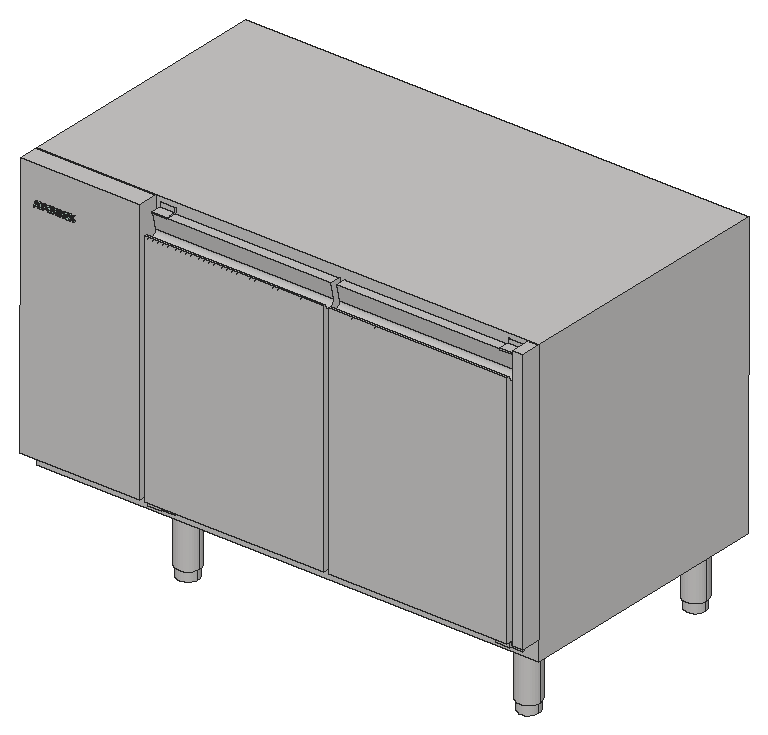
Revit family "QF_ALPENINOX_721000_AK2R7AA", category Attrezzature speciali, Revit 2018
Family settings
  Quota connettore circolare = Usa diametro
  Tipo di parte = Normale
  Basato su piano di lavoro = No
  Sempre verticale = Sì
  Taglio con vuoti quando caricato = No
  Condiviso = No
  Punto di calcolo locali = No
Parameters (values of type "Standard")
  Weight = 90.00 kg
  Watts = 220 W
  Volts = 220 V
  URL Manufacturer = "http://www.alpeninox.com"
  URL = "http://www.alpeninox.com"
  Steam Supply Size = 0 mm
  Steam Supply Minimum Pressure = 0.0 Pa
  Steam Supply Maximum Pressure = 0.0 Pa
  Steam Consumption per Hour = 0
  Refrigeration Suction Line Size = 0 mm
  Refrigeration Liquid Line Size = 0 mm
  Refrigerant Compressor Remote = yes
  Produttore = "Alpeninox"
  Phase = 1
  Modello = "AK2R7AA"
  Length Actual = 1241 mm  # constant formula
  Item Number = "721000"
  Hot Water Size = 0 mm
  Height Actual = 850 mm  # constant formula
  HP = "0.3 HP"
  Gas Size = 0 mm
  Gas KW = 0
  Gas Input Pressure = 0 W
  Direct Waste Size = 0 mm
  Descrizione = "2-DOOR REFRIGERATED COUNTER, -2+10°C, FULL AISI 304, WITHOUT WORK TOP (R290)"
  Depth Actual = 700 mm  # constant formula
  Cycle = 50 Hz
  Condensate Return Size = 0 mm
  Compressed Air Volume = 0.0 L/s
  Compressed Air Size = 0 mm
  Compressed Air Pressure = 0.0 Pa
  Cold Water Size = 0 mm
  Accessory = yes
Values of the unnamed type that differ from the named types
  Weight = 0.00 kg
  Watts = 0 W
  Volts = 0 V
  URL Manufacturer = ""
  Item Number = ""
  HP = ""
  Cycle = 0 Hz
Reference planes
  plane 1: z = 0
  plane 2 "Center (Left/Right)": x = -126.5
  plane 3 "Center (Front/Back)": y = 64.5
  plane 4 "FEET": z = 150
  plane 5 "TOP": z = 900
  plane 6 "PLAIN": z = 850
  plane 7 "EI_back": y = 103
  plane 8 "EI_left": x = -686
  plane 9 "BACK": y = 412
  plane 10 "FRONT": y = -283
  plane 11 "DOOR": y = -233
  plane 12 "LEFT": x = -747
  plane 13 "RIGHT": x = 494
  plane 14: x = -722
  plane 15: x = 469
Forms (mm)
  Extrusion 1, solid, material "QF_Finishes_Stainless Steel"
    sketch origin (-1022.223, -1524, 150) x (-1, 0, 0) y (0, -1, 0)
      loop
        circle (-336.223, -1627) r 5
    from 0 to -40
  Extrusion 2, solid, material "QF_Finishes_Stainless Steel"
    sketch origin (-1022.223, -1524, 150) x (-1, 0, 0) y (0, -1, 0)
      loop
        line (-1491.223, -1291) -> (-1491.223, -1241) -> (-1516.223, -1241) -> (-1516.223, -1291) -> (-1491.223, -1291)
    from 48 to 700
  Extrusion 3, solid, material "QF_Finishes_Stainless Steel"
    sketch origin (-1022.223, -1524, 150) x (-1, 0, 0) y (0, -1, 0)
      loop
        line (-275.223, -1936) -> (-275.223, -1291) -> (-1516.223, -1291) -> (-1516.223, -1936) -> (-275.223, -1936)
    from 0 to 700
Lines and regions (mm)
  symbolic lines, style "SpecialityEquipmentHiddenLines"
    curve 1: line (-747, 412, 150) -> (494, 412, 150)
    curve 2: line (-747, -283, 150) -> (-747, 412, 150)
    curve 3: line (494, -283, 150) -> (-747, -283, 150)
    curve 4: line (494, 412, 150) -> (494, -283, 150)
    curve 5: line (-747, -233, 150) -> (494, -233, 150)
    curve 6: line (469, -283, 150) -> (469, -233, 150)
Dimensions and locks
  plane 4 "FEET" to level = 150 mm
  plane 11 "DOOR" to plane 10 "FRONT" = 50 mm
  plane 6 "PLAIN" to plane 4 "FEET" = 700 mm
  plane 5 "TOP" to plane 6 "PLAIN" = 50 mm
  plane 12 "LEFT" to plane 14 = 25 mm
  plane 15 to plane 13 "RIGHT" = 25 mm
  plane 9 "BACK" to plane 7 "EI_back" = 309 mm
  plane 12 "LEFT" to plane 8 "EI_left" = 61 mm
  plane 12 "LEFT" to plane 13 "RIGHT" = 1241 mm
  equal spacing: plane 12 "LEFT", plane 2 "Center (Left/Right)", plane 13 "RIGHT"
  plane 9 "BACK" to plane 10 "FRONT" = 695 mm
  equal spacing: plane 9 "BACK", plane 3 "Center (Front/Back)", plane 10 "FRONT"
  aligned and locked: level to plane 1
  aligned and locked: plane 13 "RIGHT" to Extrusion 2
  aligned and locked: Extrusion 2 to plane 15
Automatic sketch dimensions
  Extrusion 1 sketch curve to plane 7 "EI_back" = 0 mm
  Extrusion 1 sketch curve to plane 8 "EI_left" = 0 mm
  Extrusion 2 sketch curve to plane 11 "DOOR" = 0 mm
  Extrusion 2 sketch curve to plane 13 "RIGHT" = 0 mm
  Extrusion 2 sketch curve to plane 10 "FRONT" = 0 mm
  Extrusion 2 sketch curve to plane 15 = 0 mm
  Extrusion 3 sketch curve to plane 9 "BACK" = 0 mm
  Extrusion 3 sketch curve to plane 13 "RIGHT" = 0 mm
  Extrusion 3 sketch curve to plane 11 "DOOR" = 0 mm
  Extrusion 3 sketch curve to plane 12 "LEFT" = 0 mm
  curve 1 to plane 13 "RIGHT" = 0 mm
  curve 6 to plane 10 "FRONT" = 0 mm
  curve 6 to plane 15 = 0 mm
  curve 5 to plane 12 "LEFT" = 0 mm
  curve 6 to plane 11 "DOOR" = 0 mm
  curve 1 to plane 9 "BACK" = 0 mm
  radius of Extrusion 1 sketch curve = 5 mm
Nested families
  nested 1: "HPC_Refrigerator" at (494, -283, 0), type "HPC_Refrigerator"
  nested 2: "HPC_FEET" at (-413, 331, 0), type "HPC_FEET"
  nested 3: "HPC_FEET" at (428, 331, 0), type "HPC_FEET"
  nested 4: "HPC_FEET" at (-413, -183, 0), type "HPC_FEET"
  nested 5: "HPC_FEET" at (428, -183, 0), type "HPC_FEET"
  nested 6: "HPC_APX_BI_TN_L" at (-540.08, -233, 598) x (1, 0, 0) z (0, -1, 0), type "HPC_APX_BI_TN_L"
    with Show Logo yes
  nested 7: "HPC_APX_SD_L" at (-219, -233, 512) x (1, 0, 0) z (0, -1, 0), type "HPC_APX_SD_L"
    with Show Clearance yes
  nested 8: "HPC_APX_SD_R" at (235, -233, 512) x (1, 0, 0) z (0, -1, 0), type "HPC_APX_SD_R"
    with Show Clearance yes
Connectors
  electrical at (-686, 103, 110), driven by "Volts"
    settings: on Extrusion 1, index 1, voltage 220 V, apparent load 0 VA, apparent load phase1 0 VA, apparent load phase2 0 VA, apparent load phase3 0 VA, power factor 1, load classification "Other", number of poles 1, system type 31, power factor state 1, is connector primary yes, connector utility no, sub classification motor no, connector description "Electrical Connection"
Definition of nested family "HPC_FEET"
  Parameters
    FEET = 150 mm
  Reference planes
    plane 1 "Center (Front/Back)": y = 0
    plane 2: z = 0
    plane 3 "Center (Left/Right)": x = 0
    plane 4: z = 150
  Forms (mm)
    Revolve 1, solid
      sketch origin (255.05, 0, 608.09) x (0, 0, 1) y (-1, 0, 0)
        loop
          line (-608.09, 255.05) -> (-608.09, 230.05) -> (-583.09, 230.05) -> (-583.09, 226.05) -> (-458.09, 226.05) -> (-458.09, 255.05) -> (-608.09, 255.05)
        axis (-608.09, 255.05) -> (-458.09, 255.05)
      angle from 0 to 360
  Dimensions and locks
    locked: Revolve 1 sketch curve to Revolve 1 sketch curve at 125
    "FEET": plane 4 to plane 2
    aligned and locked: level to plane 2
    aligned and locked: plane 4 to Revolve 1 sketch curve
    aligned and locked: Revolve 1 sketch curve to level
    aligned and locked: plane 3 "Center (Left/Right)" to Revolve 1 sketch curve
  Automatic sketch dimensions
    Revolve 1 sketch curve to plane 3 "Center (Left/Right)" = 0 mm
    Revolve 1 sketch curve to Revolve 1 sketch curve = 25 mm
    Revolve 1 sketch curve to Revolve 1 sketch curve = 29 mm
    plane 4 to Revolve 1 sketch curve = 50 mm
    Revolve 1 sketch curve to Revolve 1 sketch curve = 20 mm
Definition of nested family "HPC_APX_BI_TN_L"
  Parameters
    Show Logo [instance] = yes
    Default Elevation = 1219.2 mm
  Reference planes
    plane 1 "Center (Front/Back)": y = -74
    plane 2: z = 0
    plane 3 "Center (Left/Right)": x = -59.92
    plane 4: x = -206.92
    plane 5: x = 87.08
    plane 6: y = 252
    plane 7: y = -400
  Forms (mm)
    Extrusion 1, solid
      sketch origin (0, 0, 0) x (1, 0, 0) y (0, 1, 0)
        loop
          line (-1219.2, 1219.2) -> (-1219.2, -1219.2) -> (1219.2, -1219.2) -> (1219.2, 1219.2) -> (-1219.2, 1219.2)
      from 0 to -304.8
    Extrusion 2, solid
      sketch origin (0, 0, 0) x (1, 0, 0) y (0, 1, 0)
        loop
          line (-206.92, 252) -> (-206.92, -400) -> (87.08, -400) -> (87.08, 252) -> (-206.92, 252)
      from 0 to 50
    Extrusion 3, solid
      sketch origin (0, 0, 0) x (1, 0, 0) y (0, 1, 0)
        loop
          line (-168.675, 170.349) -> (-172.411, 160.318)
          arc (-172.411, 160.318) -> (-171.624, 158.497) -> (-169.837, 159.36) r 1.374
          line (-169.837, 159.36) -> (-169.268, 161.111) -> (-164.1, 161.111) -> (-163.54, 159.379)
          arc (-163.54, 159.379) -> (-161.802, 158.542) -> (-161.049, 160.318) r 1.333
          line (-161.049, 160.318) -> (-164.694, 170.349)
          arc (-164.694, 170.349) -> (-166.685, 171.876) -> (-168.675, 170.349) r 2.06
        loop
          line (-166.681, 169.055) -> (-168.469, 163.655) -> (-164.935, 163.655) -> (-166.681, 169.055)
        loop
          arc (-159.705, 160.042) -> (-159.262, 158.973) -> (-158.194, 158.531) r 1.512
          line (-158.194, 158.531) -> (-153.608, 158.531)
          arc (-153.608, 158.531) -> (-152.337, 159.802) -> (-153.608, 161.074) r 1.272
          line (-153.608, 161.074) -> (-156.917, 161.074) -> (-156.917, 170.328)
          arc (-156.917, 170.328) -> (-158.311, 171.722) -> (-159.705, 170.328) r 1.394
          line (-159.705, 170.328) -> (-159.705, 160.042)
        loop
          line (-151.076, 170.218) -> (-151.076, 159.859)
          arc (-151.076, 159.859) -> (-149.683, 158.466) -> (-148.29, 159.859) r 1.393
          line (-148.29, 159.859) -> (-148.29, 162.882) -> (-146.225, 162.882)
          arc (-146.225, 162.882) -> (-142.999, 163.859) -> (-141.608, 166.928) r 4.082
          arc (-141.608, 166.928) -> (-142.993, 170.272) -> (-146.336, 171.657) r 4.728
          line (-146.336, 171.657) -> (-149.638, 171.657)
          arc (-149.638, 171.657) -> (-150.655, 171.235) -> (-151.076, 170.218) r 1.439
        loop
          line (-148.29, 165.313) -> (-146.388, 165.313)
          arc (-146.388, 165.313) -> (-144.433, 167.268) -> (-146.388, 169.222) r 1.955
          line (-146.388, 169.222) -> (-148.29, 169.222) -> (-148.29, 165.313)
        loop
          arc (-131.184, 166.332) -> (-132.004, 168.2) -> (-133.767, 169.228) r 3.3
          arc (-133.767, 169.228) -> (-136.353, 168.661) -> (-137.611, 166.332) r 3.176
          line (-137.611, 166.332) -> (-131.184, 166.332)
        loop
          line (-137.538, 163.743) -> (-130.544, 163.743)
          arc (-130.544, 163.743) -> (-129.292, 163.916) -> (-128.301, 164.701) r 2.4
          arc (-128.301, 164.701) -> (-128.155, 165.545) -> (-128.212, 166.399) r 3.635
          arc (-128.212, 166.399) -> (-130.364, 170.162) -> (-134.39, 171.769) r 6.579
          arc (-134.39, 171.769) -> (-138.918, 169.706) -> (-140.661, 165.044) r 6.501
          arc (-140.661, 165.044) -> (-139.276, 160.789) -> (-135.401, 158.549) r 6.252
          arc (-135.401, 158.549) -> (-132.922, 158.526) -> (-130.544, 159.232) r 8.361
          arc (-130.544, 159.232) -> (-129.466, 159.781) -> (-128.641, 160.666) r 3.486
          arc (-128.641, 160.666) -> (-128.419, 161.592) -> (-128.828, 162.451) r 1.425
          arc (-128.828, 162.451) -> (-129.368, 162.762) -> (-129.99, 162.762) r 1.203
          arc (-129.99, 162.762) -> (-130.406, 162.59) -> (-130.764, 162.316) r 1.724
          arc (-130.764, 162.316) -> (-131.666, 161.705) -> (-132.646, 161.229) r 7.6
          arc (-132.646, 161.229) -> (-135.676, 161.35) -> (-137.538, 163.743) r 3.6
        loop
          line (-126.669, 170.328) -> (-126.669, 159.859)
          arc (-126.669, 159.859) -> (-125.273, 158.463) -> (-123.878, 159.859) r 1.396
          line (-123.878, 159.859) -> (-123.878, 166.785) -> (-117.946, 159.029)
          arc (-117.946, 159.029) -> (-116.361, 158.51) -> (-115.379, 159.859) r 1.417
          line (-115.379, 159.859) -> (-115.379, 170.328)
          arc (-115.379, 170.328) -> (-116.774, 171.723) -> (-118.169, 170.328) r 1.395
          line (-118.169, 170.328) -> (-118.169, 163.311) -> (-124.101, 171.157)
          arc (-124.101, 171.157) -> (-125.687, 171.678) -> (-126.669, 170.328) r 1.418
        loop
          arc (-113.636, 159.859) -> (-112.241, 158.464) -> (-110.847, 159.859) r 1.394
          line (-110.847, 159.859) -> (-110.847, 170.328)
          arc (-110.847, 170.328) -> (-112.241, 171.723) -> (-113.636, 170.328) r 1.394
          line (-113.636, 170.328) -> (-113.636, 159.859)
        loop
          line (-109.102, 170.328) -> (-109.102, 159.859)
          arc (-109.102, 159.859) -> (-107.706, 158.463) -> (-106.31, 159.859) r 1.396
          line (-106.31, 159.859) -> (-106.31, 166.785) -> (-100.378, 159.029)
          arc (-100.378, 159.029) -> (-98.793, 158.51) -> (-97.812, 159.859) r 1.417
          line (-97.812, 159.859) -> (-97.812, 170.328)
          arc (-97.812, 170.328) -> (-99.207, 171.723) -> (-100.602, 170.328) r 1.395
          line (-100.602, 170.328) -> (-100.602, 163.311) -> (-106.533, 171.157)
          arc (-106.533, 171.157) -> (-108.119, 171.678) -> (-109.102, 170.328) r 1.418
        loop
          arc (-96.345, 165.093) -> (-95.619, 161.877) -> (-93.467, 159.379) r 6.806
          arc (-93.467, 159.379) -> (-91.792, 158.566) -> (-89.948, 158.31) r 5.956
          arc (-89.948, 158.31) -> (-88.104, 158.566) -> (-86.43, 159.379) r 5.956
          arc (-86.43, 159.379) -> (-84.277, 161.877) -> (-83.551, 165.093) r 6.806
          arc (-83.551, 165.093) -> (-84.277, 168.31) -> (-86.43, 170.808) r 6.806
          arc (-86.43, 170.808) -> (-88.104, 171.621) -> (-89.948, 171.877) r 5.956
          arc (-89.948, 171.877) -> (-91.792, 171.621) -> (-93.467, 170.808) r 5.956
          arc (-93.467, 170.808) -> (-95.619, 168.31) -> (-96.345, 165.093) r 6.806
        loop
          arc (-93.425, 165.093) -> (-93.138, 163.212) -> (-92.081, 161.629) r 4.387
          arc (-92.081, 161.629) -> (-91.087, 161.049) -> (-89.948, 160.881) r 3.035
          arc (-89.948, 160.881) -> (-88.809, 161.049) -> (-87.815, 161.629) r 3.035
          arc (-87.815, 161.629) -> (-86.759, 163.212) -> (-86.472, 165.093) r 4.387
          arc (-86.472, 165.093) -> (-86.759, 166.975) -> (-87.815, 168.558) r 4.387
          arc (-87.815, 168.558) -> (-88.809, 169.138) -> (-89.948, 169.306) r 3.035
          arc (-89.948, 169.306) -> (-91.087, 169.138) -> (-92.081, 168.558) r 3.035
          arc (-92.081, 168.558) -> (-93.138, 166.975) -> (-93.425, 165.093) r 4.387
        loop
          line (-83.139, 169.609) -> (-80.126, 165.552) -> (-83.81, 160.652)
          arc (-83.81, 160.652) -> (-83.512, 158.692) -> (-81.559, 159.029) r 1.388
          line (-81.559, 159.029) -> (-78.51, 163.232) -> (-75.461, 159.029)
          arc (-75.461, 159.029) -> (-73.507, 158.692) -> (-73.21, 160.652) r 1.388
          line (-73.21, 160.652) -> (-76.894, 165.552) -> (-73.881, 169.609)
          arc (-73.881, 169.609) -> (-74.249, 171.597) -> (-76.205, 171.084) r 1.38
          line (-76.205, 171.084) -> (-78.51, 167.841) -> (-80.815, 171.084)
          arc (-80.815, 171.084) -> (-82.771, 171.597) -> (-83.139, 169.609) r 1.38
      from 50 to 51.6
  Lines and regions (mm)
    Split face 1
      outline origin (0, 0, 50) x (1, 0, 0) y (0, 1, 0)
        loop
          line (87.08, 183) -> (-172.92, 183)
          arc (-172.92, 183) -> (-190.42, 165.5) -> (-172.92, 148) r 17.5
          line (-172.92, 148) -> (87.08, 148)
    Split face 2
      outline origin (-38, 0, 50) x (1, 0, 0) y (0, 1, 0)
        loop
          line (-5.42, 177) -> (-5.42, 154) -> (64.58, 154) -> (64.58, 177) -> (-5.42, 177)
    Split face 3
      outline origin (-38, 0, 50) x (1, 0, 0) y (0, 1, 0)
        loop
          line (44.58, 174) -> (44.58, 157) -> (61.58, 157) -> (61.58, 174) -> (44.58, 174)
    Split face 4
      outline origin (0, 0, 50) x (1, 0, 0) y (0, 1, 0)
        loop
          line (-206.92, 188) -> (87.08, 188)
    Split face 5
      outline origin (0, 0, 50) x (1, 0, 0) y (0, 1, 0)
        loop
          arc (-163.464, 131.824) -> (-167.464, 127.824) -> (-163.464, 123.824) r 4
          line (-163.464, 123.824) -> (-121.464, 123.824)
          arc (-121.464, 123.824) -> (-117.464, 127.824) -> (-121.464, 131.824) r 4
          line (-121.464, 131.824) -> (-163.464, 131.824)
    Split face 6
      outline origin (330, 0, 50) x (1, 0, 0) y (0, 1, 0)
        loop
          arc (-328.464, 131.824) -> (-332.464, 127.824) -> (-328.464, 123.824) r 4
          line (-328.464, 123.824) -> (-286.464, 123.824)
          arc (-286.464, 123.824) -> (-282.464, 127.824) -> (-286.464, 131.824) r 4
          line (-286.464, 131.824) -> (-328.464, 131.824)
    Split face 7
      outline origin (110, 0, 50) x (1, 0, 0) y (0, 1, 0)
        loop
          arc (-218.464, 131.824) -> (-222.464, 127.824) -> (-218.464, 123.824) r 4
          line (-218.464, 123.824) -> (-176.464, 123.824)
          arc (-176.464, 123.824) -> (-172.464, 127.824) -> (-176.464, 131.824) r 4
          line (-176.464, 131.824) -> (-218.464, 131.824)
    Split face 8
      outline origin (220, 0, 50) x (1, 0, 0) y (0, 1, 0)
        loop
          arc (-273.464, 131.824) -> (-277.464, 127.824) -> (-273.464, 123.824) r 4
          line (-273.464, 123.824) -> (-231.464, 123.824)
          arc (-231.464, 123.824) -> (-227.464, 127.824) -> (-231.464, 131.824) r 4
          line (-231.464, 131.824) -> (-273.464, 131.824)
    Split face 9
      outline origin (0, -24, 50) x (1, 0, 0) y (0, 1, 0)
        loop
          arc (-163.464, 143.824) -> (-167.464, 139.824) -> (-163.464, 135.824) r 4
          line (-163.464, 135.824) -> (-121.464, 135.824)
          arc (-121.464, 135.824) -> (-117.464, 139.824) -> (-121.464, 143.824) r 4
          line (-121.464, 143.824) -> (-163.464, 143.824)
    Split face 10
      outline origin (330, -24, 50) x (1, 0, 0) y (0, 1, 0)
        loop
          arc (-328.464, 143.824) -> (-332.464, 139.824) -> (-328.464, 135.824) r 4
          line (-328.464, 135.824) -> (-286.464, 135.824)
          arc (-286.464, 135.824) -> (-282.464, 139.824) -> (-286.464, 143.824) r 4
          line (-286.464, 143.824) -> (-328.464, 143.824)
    Split face 11
      outline origin (110, -24, 50) x (1, 0, 0) y (0, 1, 0)
        loop
          arc (-218.464, 143.824) -> (-222.464, 139.824) -> (-218.464, 135.824) r 4
          line (-218.464, 135.824) -> (-176.464, 135.824)
          arc (-176.464, 135.824) -> (-172.464, 139.824) -> (-176.464, 143.824) r 4
          line (-176.464, 143.824) -> (-218.464, 143.824)
    Split face 12
      outline origin (220, -24, 50) x (1, 0, 0) y (0, 1, 0)
        loop
          arc (-273.464, 143.824) -> (-277.464, 139.824) -> (-273.464, 135.824) r 4
          line (-273.464, 135.824) -> (-231.464, 135.824)
          arc (-231.464, 135.824) -> (-227.464, 139.824) -> (-231.464, 143.824) r 4
          line (-231.464, 143.824) -> (-273.464, 143.824)
    Split face 13
      outline origin (0, -48, 50) x (1, 0, 0) y (0, 1, 0)
        loop
          arc (-163.464, 155.824) -> (-167.464, 151.824) -> (-163.464, 147.824) r 4
          line (-163.464, 147.824) -> (-121.464, 147.824)
          arc (-121.464, 147.824) -> (-117.464, 151.824) -> (-121.464, 155.824) r 4
          line (-121.464, 155.824) -> (-163.464, 155.824)
    Split face 14
      outline origin (330, -48, 50) x (1, 0, 0) y (0, 1, 0)
        loop
          arc (-328.464, 155.824) -> (-332.464, 151.824) -> (-328.464, 147.824) r 4
          line (-328.464, 147.824) -> (-286.464, 147.824)
          arc (-286.464, 147.824) -> (-282.464, 151.824) -> (-286.464, 155.824) r 4
          line (-286.464, 155.824) -> (-328.464, 155.824)
    Split face 15
      outline origin (110, -48, 50) x (1, 0, 0) y (0, 1, 0)
        loop
          arc (-218.464, 155.824) -> (-222.464, 151.824) -> (-218.464, 147.824) r 4
          line (-218.464, 147.824) -> (-176.464, 147.824)
          arc (-176.464, 147.824) -> (-172.464, 151.824) -> (-176.464, 155.824) r 4
          line (-176.464, 155.824) -> (-218.464, 155.824)
    Split face 16
      outline origin (220, -48, 50) x (1, 0, 0) y (0, 1, 0)
        loop
          arc (-273.464, 155.824) -> (-277.464, 151.824) -> (-273.464, 147.824) r 4
          line (-273.464, 147.824) -> (-231.464, 147.824)
          arc (-231.464, 147.824) -> (-227.464, 151.824) -> (-231.464, 155.824) r 4
          line (-231.464, 155.824) -> (-273.464, 155.824)
    Split face 17
      outline origin (0, -72, 50) x (1, 0, 0) y (0, 1, 0)
        loop
          arc (-163.464, 167.824) -> (-167.464, 163.824) -> (-163.464, 159.824) r 4
          line (-163.464, 159.824) -> (-121.464, 159.824)
          arc (-121.464, 159.824) -> (-117.464, 163.824) -> (-121.464, 167.824) r 4
          line (-121.464, 167.824) -> (-163.464, 167.824)
    Split face 18
      outline origin (330, -72, 50) x (1, 0, 0) y (0, 1, 0)
        loop
          arc (-328.464, 167.824) -> (-332.464, 163.824) -> (-328.464, 159.824) r 4
          line (-328.464, 159.824) -> (-286.464, 159.824)
          arc (-286.464, 159.824) -> (-282.464, 163.824) -> (-286.464, 167.824) r 4
          line (-286.464, 167.824) -> (-328.464, 167.824)
    Split face 19
      outline origin (110, -72, 50) x (1, 0, 0) y (0, 1, 0)
        loop
          arc (-218.464, 167.824) -> (-222.464, 163.824) -> (-218.464, 159.824) r 4
          line (-218.464, 159.824) -> (-176.464, 159.824)
          arc (-176.464, 159.824) -> (-172.464, 163.824) -> (-176.464, 167.824) r 4
          line (-176.464, 167.824) -> (-218.464, 167.824)
    Split face 20
      outline origin (220, -72, 50) x (1, 0, 0) y (0, 1, 0)
        loop
          arc (-273.464, 167.824) -> (-277.464, 163.824) -> (-273.464, 159.824) r 4
          line (-273.464, 159.824) -> (-231.464, 159.824)
          arc (-231.464, 159.824) -> (-227.464, 163.824) -> (-231.464, 167.824) r 4
          line (-231.464, 167.824) -> (-273.464, 167.824)
    Split face 21
      outline origin (0, -96, 50) x (1, 0, 0) y (0, 1, 0)
        loop
          arc (-163.464, 179.824) -> (-167.464, 175.824) -> (-163.464, 171.824) r 4
          line (-163.464, 171.824) -> (-121.464, 171.824)
          arc (-121.464, 171.824) -> (-117.464, 175.824) -> (-121.464, 179.824) r 4
          line (-121.464, 179.824) -> (-163.464, 179.824)
    Split face 22
      outline origin (330, -96, 50) x (1, 0, 0) y (0, 1, 0)
        loop
          arc (-328.464, 179.824) -> (-332.464, 175.824) -> (-328.464, 171.824) r 4
          line (-328.464, 171.824) -> (-286.464, 171.824)
          arc (-286.464, 171.824) -> (-282.464, 175.824) -> (-286.464, 179.824) r 4
          line (-286.464, 179.824) -> (-328.464, 179.824)
    Split face 23
      outline origin (110, -96, 50) x (1, 0, 0) y (0, 1, 0)
        loop
          arc (-218.464, 179.824) -> (-222.464, 175.824) -> (-218.464, 171.824) r 4
          line (-218.464, 171.824) -> (-176.464, 171.824)
          arc (-176.464, 171.824) -> (-172.464, 175.824) -> (-176.464, 179.824) r 4
          line (-176.464, 179.824) -> (-218.464, 179.824)
    Split face 24
      outline origin (220, -96, 50) x (1, 0, 0) y (0, 1, 0)
        loop
          arc (-273.464, 179.824) -> (-277.464, 175.824) -> (-273.464, 171.824) r 4
          line (-273.464, 171.824) -> (-231.464, 171.824)
          arc (-231.464, 171.824) -> (-227.464, 175.824) -> (-231.464, 179.824) r 4
          line (-231.464, 179.824) -> (-273.464, 179.824)
    Split face 25
      outline origin (0, -120, 50) x (1, 0, 0) y (0, 1, 0)
        loop
          arc (-163.464, 191.824) -> (-167.464, 187.824) -> (-163.464, 183.824) r 4
          line (-163.464, 183.824) -> (-121.464, 183.824)
          arc (-121.464, 183.824) -> (-117.464, 187.824) -> (-121.464, 191.824) r 4
          line (-121.464, 191.824) -> (-163.464, 191.824)
    Split face 26
      outline origin (330, -120, 50) x (1, 0, 0) y (0, 1, 0)
        loop
          arc (-328.464, 191.824) -> (-332.464, 187.824) -> (-328.464, 183.824) r 4
          line (-328.464, 183.824) -> (-286.464, 183.824)
          arc (-286.464, 183.824) -> (-282.464, 187.824) -> (-286.464, 191.824) r 4
          line (-286.464, 191.824) -> (-328.464, 191.824)
    Split face 27
      outline origin (110, -120, 50) x (1, 0, 0) y (0, 1, 0)
        loop
          arc (-218.464, 191.824) -> (-222.464, 187.824) -> (-218.464, 183.824) r 4
          line (-218.464, 183.824) -> (-176.464, 183.824)
          arc (-176.464, 183.824) -> (-172.464, 187.824) -> (-176.464, 191.824) r 4
          line (-176.464, 191.824) -> (-218.464, 191.824)
    Split face 28
      outline origin (220, -120, 50) x (1, 0, 0) y (0, 1, 0)
        loop
          arc (-273.464, 191.824) -> (-277.464, 187.824) -> (-273.464, 183.824) r 4
          line (-273.464, 183.824) -> (-231.464, 183.824)
          arc (-231.464, 183.824) -> (-227.464, 187.824) -> (-231.464, 191.824) r 4
          line (-231.464, 191.824) -> (-273.464, 191.824)
    Split face 29
      outline origin (0, -144, 50) x (1, 0, 0) y (0, 1, 0)
        loop
          arc (-163.464, 203.824) -> (-167.464, 199.824) -> (-163.464, 195.824) r 4
          line (-163.464, 195.824) -> (-121.464, 195.824)
          arc (-121.464, 195.824) -> (-117.464, 199.824) -> (-121.464, 203.824) r 4
          line (-121.464, 203.824) -> (-163.464, 203.824)
    Split face 30
      outline origin (330, -144, 50) x (1, 0, 0) y (0, 1, 0)
        loop
          arc (-328.464, 203.824) -> (-332.464, 199.824) -> (-328.464, 195.824) r 4
          line (-328.464, 195.824) -> (-286.464, 195.824)
          arc (-286.464, 195.824) -> (-282.464, 199.824) -> (-286.464, 203.824) r 4
          line (-286.464, 203.824) -> (-328.464, 203.824)
    Split face 31
      outline origin (110, -144, 50) x (1, 0, 0) y (0, 1, 0)
        loop
          arc (-218.464, 203.824) -> (-222.464, 199.824) -> (-218.464, 195.824) r 4
          line (-218.464, 195.824) -> (-176.464, 195.824)
          arc (-176.464, 195.824) -> (-172.464, 199.824) -> (-176.464, 203.824) r 4
          line (-176.464, 203.824) -> (-218.464, 203.824)
    Split face 32
      outline origin (220, -144, 50) x (1, 0, 0) y (0, 1, 0)
        loop
          arc (-273.464, 203.824) -> (-277.464, 199.824) -> (-273.464, 195.824) r 4
          line (-273.464, 195.824) -> (-231.464, 195.824)
          arc (-231.464, 195.824) -> (-227.464, 199.824) -> (-231.464, 203.824) r 4
          line (-231.464, 203.824) -> (-273.464, 203.824)
    Split face 33
      outline origin (0, -168, 50) x (1, 0, 0) y (0, 1, 0)
        loop
          arc (-163.464, 215.824) -> (-167.464, 211.824) -> (-163.464, 207.824) r 4
          line (-163.464, 207.824) -> (-121.464, 207.824)
          arc (-121.464, 207.824) -> (-117.464, 211.824) -> (-121.464, 215.824) r 4
          line (-121.464, 215.824) -> (-163.464, 215.824)
    Split face 34
      outline origin (330, -168, 50) x (1, 0, 0) y (0, 1, 0)
        loop
          arc (-328.464, 215.824) -> (-332.464, 211.824) -> (-328.464, 207.824) r 4
          line (-328.464, 207.824) -> (-286.464, 207.824)
          arc (-286.464, 207.824) -> (-282.464, 211.824) -> (-286.464, 215.824) r 4
          line (-286.464, 215.824) -> (-328.464, 215.824)
    Split face 35
      outline origin (110, -168, 50) x (1, 0, 0) y (0, 1, 0)
        loop
          arc (-218.464, 215.824) -> (-222.464, 211.824) -> (-218.464, 207.824) r 4
          line (-218.464, 207.824) -> (-176.464, 207.824)
          arc (-176.464, 207.824) -> (-172.464, 211.824) -> (-176.464, 215.824) r 4
          line (-176.464, 215.824) -> (-218.464, 215.824)
    Split face 36
      outline origin (220, -168, 50) x (1, 0, 0) y (0, 1, 0)
        loop
          arc (-273.464, 215.824) -> (-277.464, 211.824) -> (-273.464, 207.824) r 4
          line (-273.464, 207.824) -> (-231.464, 207.824)
          arc (-231.464, 207.824) -> (-227.464, 211.824) -> (-231.464, 215.824) r 4
          line (-231.464, 215.824) -> (-273.464, 215.824)
    Split face 37
      outline origin (0, -192, 50) x (1, 0, 0) y (0, 1, 0)
        loop
          arc (-163.464, 227.824) -> (-167.464, 223.824) -> (-163.464, 219.824) r 4
          line (-163.464, 219.824) -> (-121.464, 219.824)
          arc (-121.464, 219.824) -> (-117.464, 223.824) -> (-121.464, 227.824) r 4
          line (-121.464, 227.824) -> (-163.464, 227.824)
    Split face 38
      outline origin (330, -192, 50) x (1, 0, 0) y (0, 1, 0)
        loop
          arc (-328.464, 227.824) -> (-332.464, 223.824) -> (-328.464, 219.824) r 4
          line (-328.464, 219.824) -> (-286.464, 219.824)
          arc (-286.464, 219.824) -> (-282.464, 223.824) -> (-286.464, 227.824) r 4
          line (-286.464, 227.824) -> (-328.464, 227.824)
    Split face 39
      outline origin (110, -192, 50) x (1, 0, 0) y (0, 1, 0)
        loop
          arc (-218.464, 227.824) -> (-222.464, 223.824) -> (-218.464, 219.824) r 4
          line (-218.464, 219.824) -> (-176.464, 219.824)
          arc (-176.464, 219.824) -> (-172.464, 223.824) -> (-176.464, 227.824) r 4
          line (-176.464, 227.824) -> (-218.464, 227.824)
    Split face 40
      outline origin (220, -192, 50) x (1, 0, 0) y (0, 1, 0)
        loop
          arc (-273.464, 227.824) -> (-277.464, 223.824) -> (-273.464, 219.824) r 4
          line (-273.464, 219.824) -> (-231.464, 219.824)
          arc (-231.464, 219.824) -> (-227.464, 223.824) -> (-231.464, 227.824) r 4
          line (-231.464, 227.824) -> (-273.464, 227.824)
    Split face 41
      outline origin (0, -216, 50) x (1, 0, 0) y (0, 1, 0)
        loop
          arc (-163.464, 239.824) -> (-167.464, 235.824) -> (-163.464, 231.824) r 4
          line (-163.464, 231.824) -> (-121.464, 231.824)
          arc (-121.464, 231.824) -> (-117.464, 235.824) -> (-121.464, 239.824) r 4
          line (-121.464, 239.824) -> (-163.464, 239.824)
    Split face 42
      outline origin (330, -216, 50) x (1, 0, 0) y (0, 1, 0)
        loop
          arc (-328.464, 239.824) -> (-332.464, 235.824) -> (-328.464, 231.824) r 4
          line (-328.464, 231.824) -> (-286.464, 231.824)
          arc (-286.464, 231.824) -> (-282.464, 235.824) -> (-286.464, 239.824) r 4
          line (-286.464, 239.824) -> (-328.464, 239.824)
    Split face 43
      outline origin (110, -216, 50) x (1, 0, 0) y (0, 1, 0)
        loop
          arc (-218.464, 239.824) -> (-222.464, 235.824) -> (-218.464, 231.824) r 4
          line (-218.464, 231.824) -> (-176.464, 231.824)
          arc (-176.464, 231.824) -> (-172.464, 235.824) -> (-176.464, 239.824) r 4
          line (-176.464, 239.824) -> (-218.464, 239.824)
    Split face 44
      outline origin (220, -216, 50) x (1, 0, 0) y (0, 1, 0)
        loop
          arc (-273.464, 239.824) -> (-277.464, 235.824) -> (-273.464, 231.824) r 4
          line (-273.464, 231.824) -> (-231.464, 231.824)
          arc (-231.464, 231.824) -> (-227.464, 235.824) -> (-231.464, 239.824) r 4
          line (-231.464, 239.824) -> (-273.464, 239.824)
    Split face 45
      outline origin (0, -240, 50) x (1, 0, 0) y (0, 1, 0)
        loop
          arc (-163.464, 251.824) -> (-167.464, 247.824) -> (-163.464, 243.824) r 4
          line (-163.464, 243.824) -> (-121.464, 243.824)
          arc (-121.464, 243.824) -> (-117.464, 247.824) -> (-121.464, 251.824) r 4
          line (-121.464, 251.824) -> (-163.464, 251.824)
    Split face 46
      outline origin (330, -240, 50) x (1, 0, 0) y (0, 1, 0)
        loop
          arc (-328.464, 251.824) -> (-332.464, 247.824) -> (-328.464, 243.824) r 4
          line (-328.464, 243.824) -> (-286.464, 243.824)
          arc (-286.464, 243.824) -> (-282.464, 247.824) -> (-286.464, 251.824) r 4
          line (-286.464, 251.824) -> (-328.464, 251.824)
    Split face 47
      outline origin (110, -240, 50) x (1, 0, 0) y (0, 1, 0)
        loop
          arc (-218.464, 251.824) -> (-222.464, 247.824) -> (-218.464, 243.824) r 4
          line (-218.464, 243.824) -> (-176.464, 243.824)
          arc (-176.464, 243.824) -> (-172.464, 247.824) -> (-176.464, 251.824) r 4
          line (-176.464, 251.824) -> (-218.464, 251.824)
    Split face 48
      outline origin (220, -240, 50) x (1, 0, 0) y (0, 1, 0)
        loop
          arc (-273.464, 251.824) -> (-277.464, 247.824) -> (-273.464, 243.824) r 4
          line (-273.464, 243.824) -> (-231.464, 243.824)
          arc (-231.464, 243.824) -> (-227.464, 247.824) -> (-231.464, 251.824) r 4
          line (-231.464, 251.824) -> (-273.464, 251.824)
    Split face 49
      outline origin (0, -264, 50) x (1, 0, 0) y (0, 1, 0)
        loop
          arc (-163.464, 263.824) -> (-167.464, 259.824) -> (-163.464, 255.824) r 4
          line (-163.464, 255.824) -> (-121.464, 255.824)
          arc (-121.464, 255.824) -> (-117.464, 259.824) -> (-121.464, 263.824) r 4
          line (-121.464, 263.824) -> (-163.464, 263.824)
    Split face 50
      outline origin (330, -264, 50) x (1, 0, 0) y (0, 1, 0)
        loop
          arc (-328.464, 263.824) -> (-332.464, 259.824) -> (-328.464, 255.824) r 4
          line (-328.464, 255.824) -> (-286.464, 255.824)
          arc (-286.464, 255.824) -> (-282.464, 259.824) -> (-286.464, 263.824) r 4
          line (-286.464, 263.824) -> (-328.464, 263.824)
    Split face 51
      outline origin (110, -264, 50) x (1, 0, 0) y (0, 1, 0)
        loop
          arc (-218.464, 263.824) -> (-222.464, 259.824) -> (-218.464, 255.824) r 4
          line (-218.464, 255.824) -> (-176.464, 255.824)
          arc (-176.464, 255.824) -> (-172.464, 259.824) -> (-176.464, 263.824) r 4
          line (-176.464, 263.824) -> (-218.464, 263.824)
    Split face 52
      outline origin (220, -264, 50) x (1, 0, 0) y (0, 1, 0)
        loop
          arc (-273.464, 263.824) -> (-277.464, 259.824) -> (-273.464, 255.824) r 4
          line (-273.464, 255.824) -> (-231.464, 255.824)
          arc (-231.464, 255.824) -> (-227.464, 259.824) -> (-231.464, 263.824) r 4
          line (-231.464, 263.824) -> (-273.464, 263.824)
    Split face 53
      outline origin (0, -288, 50) x (1, 0, 0) y (0, 1, 0)
        loop
          arc (-163.464, 275.824) -> (-167.464, 271.824) -> (-163.464, 267.824) r 4
          line (-163.464, 267.824) -> (-121.464, 267.824)
          arc (-121.464, 267.824) -> (-117.464, 271.824) -> (-121.464, 275.824) r 4
          line (-121.464, 275.824) -> (-163.464, 275.824)
    Split face 54
      outline origin (330, -288, 50) x (1, 0, 0) y (0, 1, 0)
        loop
          arc (-328.464, 275.824) -> (-332.464, 271.824) -> (-328.464, 267.824) r 4
          line (-328.464, 267.824) -> (-286.464, 267.824)
          arc (-286.464, 267.824) -> (-282.464, 271.824) -> (-286.464, 275.824) r 4
          line (-286.464, 275.824) -> (-328.464, 275.824)
    Split face 55
      outline origin (110, -288, 50) x (1, 0, 0) y (0, 1, 0)
        loop
          arc (-218.464, 275.824) -> (-222.464, 271.824) -> (-218.464, 267.824) r 4
          line (-218.464, 267.824) -> (-176.464, 267.824)
          arc (-176.464, 267.824) -> (-172.464, 271.824) -> (-176.464, 275.824) r 4
          line (-176.464, 275.824) -> (-218.464, 275.824)
    Split face 56
      outline origin (220, -288, 50) x (1, 0, 0) y (0, 1, 0)
        loop
          arc (-273.464, 275.824) -> (-277.464, 271.824) -> (-273.464, 267.824) r 4
          line (-273.464, 267.824) -> (-231.464, 267.824)
          arc (-231.464, 267.824) -> (-227.464, 271.824) -> (-231.464, 275.824) r 4
          line (-231.464, 275.824) -> (-273.464, 275.824)
    Split face 57
      outline origin (0, -312, 50) x (1, 0, 0) y (0, 1, 0)
        loop
          arc (-163.464, 287.824) -> (-167.464, 283.824) -> (-163.464, 279.824) r 4
          line (-163.464, 279.824) -> (-121.464, 279.824)
          arc (-121.464, 279.824) -> (-117.464, 283.824) -> (-121.464, 287.824) r 4
          line (-121.464, 287.824) -> (-163.464, 287.824)
    Split face 58
      outline origin (330, -312, 50) x (1, 0, 0) y (0, 1, 0)
        loop
          arc (-328.464, 287.824) -> (-332.464, 283.824) -> (-328.464, 279.824) r 4
          line (-328.464, 279.824) -> (-286.464, 279.824)
          arc (-286.464, 279.824) -> (-282.464, 283.824) -> (-286.464, 287.824) r 4
          line (-286.464, 287.824) -> (-328.464, 287.824)
    Split face 59
      outline origin (110, -312, 50) x (1, 0, 0) y (0, 1, 0)
        loop
          arc (-218.464, 287.824) -> (-222.464, 283.824) -> (-218.464, 279.824) r 4
          line (-218.464, 279.824) -> (-176.464, 279.824)
          arc (-176.464, 279.824) -> (-172.464, 283.824) -> (-176.464, 287.824) r 4
          line (-176.464, 287.824) -> (-218.464, 287.824)
    Split face 60
      outline origin (220, -312, 50) x (1, 0, 0) y (0, 1, 0)
        loop
          arc (-273.464, 287.824) -> (-277.464, 283.824) -> (-273.464, 279.824) r 4
          line (-273.464, 279.824) -> (-231.464, 279.824)
          arc (-231.464, 279.824) -> (-227.464, 283.824) -> (-231.464, 287.824) r 4
          line (-231.464, 287.824) -> (-273.464, 287.824)
    Split face 61
      outline origin (0, -336, 50) x (1, 0, 0) y (0, 1, 0)
        loop
          arc (-163.464, 299.824) -> (-167.464, 295.824) -> (-163.464, 291.824) r 4
          line (-163.464, 291.824) -> (-121.464, 291.824)
          arc (-121.464, 291.824) -> (-117.464, 295.824) -> (-121.464, 299.824) r 4
          line (-121.464, 299.824) -> (-163.464, 299.824)
    Split face 62
      outline origin (330, -336, 50) x (1, 0, 0) y (0, 1, 0)
        loop
          arc (-328.464, 299.824) -> (-332.464, 295.824) -> (-328.464, 291.824) r 4
          line (-328.464, 291.824) -> (-286.464, 291.824)
          arc (-286.464, 291.824) -> (-282.464, 295.824) -> (-286.464, 299.824) r 4
          line (-286.464, 299.824) -> (-328.464, 299.824)
    Split face 63
      outline origin (110, -336, 50) x (1, 0, 0) y (0, 1, 0)
        loop
          arc (-218.464, 299.824) -> (-222.464, 295.824) -> (-218.464, 291.824) r 4
          line (-218.464, 291.824) -> (-176.464, 291.824)
          arc (-176.464, 291.824) -> (-172.464, 295.824) -> (-176.464, 299.824) r 4
          line (-176.464, 299.824) -> (-218.464, 299.824)
    Split face 64
      outline origin (220, -336, 50) x (1, 0, 0) y (0, 1, 0)
        loop
          arc (-273.464, 299.824) -> (-277.464, 295.824) -> (-273.464, 291.824) r 4
          line (-273.464, 291.824) -> (-231.464, 291.824)
          arc (-231.464, 291.824) -> (-227.464, 295.824) -> (-231.464, 299.824) r 4
          line (-231.464, 299.824) -> (-273.464, 299.824)
    Split face 65
      outline origin (0, -360, 50) x (1, 0, 0) y (0, 1, 0)
        loop
          arc (-163.464, 311.824) -> (-167.464, 307.824) -> (-163.464, 303.824) r 4
          line (-163.464, 303.824) -> (-121.464, 303.824)
          arc (-121.464, 303.824) -> (-117.464, 307.824) -> (-121.464, 311.824) r 4
          line (-121.464, 311.824) -> (-163.464, 311.824)
    Split face 66
      outline origin (330, -360, 50) x (1, 0, 0) y (0, 1, 0)
        loop
          arc (-328.464, 311.824) -> (-332.464, 307.824) -> (-328.464, 303.824) r 4
          line (-328.464, 303.824) -> (-286.464, 303.824)
          arc (-286.464, 303.824) -> (-282.464, 307.824) -> (-286.464, 311.824) r 4
          line (-286.464, 311.824) -> (-328.464, 311.824)
    Split face 67
      outline origin (110, -360, 50) x (1, 0, 0) y (0, 1, 0)
        loop
          arc (-218.464, 311.824) -> (-222.464, 307.824) -> (-218.464, 303.824) r 4
          line (-218.464, 303.824) -> (-176.464, 303.824)
          arc (-176.464, 303.824) -> (-172.464, 307.824) -> (-176.464, 311.824) r 4
          line (-176.464, 311.824) -> (-218.464, 311.824)
    Split face 68
      outline origin (220, -360, 50) x (1, 0, 0) y (0, 1, 0)
        loop
          arc (-273.464, 311.824) -> (-277.464, 307.824) -> (-273.464, 303.824) r 4
          line (-273.464, 303.824) -> (-231.464, 303.824)
          arc (-231.464, 303.824) -> (-227.464, 307.824) -> (-231.464, 311.824) r 4
          line (-231.464, 311.824) -> (-273.464, 311.824)
    Split face 69
      outline origin (0, 0, 50) x (1, 0, 0) y (0, 1, 0)
        loop
          line (-206.92, 143) -> (87.08, 143)
    Split face 70
      outline origin (0, -663.3, 50) x (1, 0, 0) y (0, 1, 0)
        loop
          arc (-163.464, 463.474) -> (-167.464, 459.474) -> (-163.464, 455.474) r 4
          line (-163.464, 455.474) -> (-121.464, 455.474)
          arc (-121.464, 455.474) -> (-117.464, 459.474) -> (-121.464, 463.474) r 4
          line (-121.464, 463.474) -> (-163.464, 463.474)
    Split face 71
      outline origin (330, -663.3, 50) x (1, 0, 0) y (0, 1, 0)
        loop
          arc (-328.464, 463.474) -> (-332.464, 459.474) -> (-328.464, 455.474) r 4
          line (-328.464, 455.474) -> (-286.464, 455.474)
          arc (-286.464, 455.474) -> (-282.464, 459.474) -> (-286.464, 463.474) r 4
          line (-286.464, 463.474) -> (-328.464, 463.474)
    Split face 72
      outline origin (110, -663.3, 50) x (1, 0, 0) y (0, 1, 0)
        loop
          arc (-218.464, 463.474) -> (-222.464, 459.474) -> (-218.464, 455.474) r 4
          line (-218.464, 455.474) -> (-176.464, 455.474)
          arc (-176.464, 455.474) -> (-172.464, 459.474) -> (-176.464, 463.474) r 4
          line (-176.464, 463.474) -> (-218.464, 463.474)
    Split face 73
      outline origin (220, -663.3, 50) x (1, 0, 0) y (0, 1, 0)
        loop
          arc (-273.464, 463.474) -> (-277.464, 459.474) -> (-273.464, 455.474) r 4
          line (-273.464, 455.474) -> (-231.464, 455.474)
          arc (-231.464, 455.474) -> (-227.464, 459.474) -> (-231.464, 463.474) r 4
          line (-231.464, 463.474) -> (-273.464, 463.474)
    Split face 74
      outline origin (0, -687.3, 50) x (1, 0, 0) y (0, 1, 0)
        loop
          arc (-163.464, 475.474) -> (-167.464, 471.474) -> (-163.464, 467.474) r 4
          line (-163.464, 467.474) -> (-121.464, 467.474)
          arc (-121.464, 467.474) -> (-117.464, 471.474) -> (-121.464, 475.474) r 4
          line (-121.464, 475.474) -> (-163.464, 475.474)
    Split face 75
      outline origin (330, -687.3, 50) x (1, 0, 0) y (0, 1, 0)
        loop
          arc (-328.464, 475.474) -> (-332.464, 471.474) -> (-328.464, 467.474) r 4
          line (-328.464, 467.474) -> (-286.464, 467.474)
          arc (-286.464, 467.474) -> (-282.464, 471.474) -> (-286.464, 475.474) r 4
          line (-286.464, 475.474) -> (-328.464, 475.474)
    Split face 76
      outline origin (110, -687.3, 50) x (1, 0, 0) y (0, 1, 0)
        loop
          arc (-218.464, 475.474) -> (-222.464, 471.474) -> (-218.464, 467.474) r 4
          line (-218.464, 467.474) -> (-176.464, 467.474)
          arc (-176.464, 467.474) -> (-172.464, 471.474) -> (-176.464, 475.474) r 4
          line (-176.464, 475.474) -> (-218.464, 475.474)
    Split face 77
      outline origin (220, -687.3, 50) x (1, 0, 0) y (0, 1, 0)
        loop
          arc (-273.464, 475.474) -> (-277.464, 471.474) -> (-273.464, 467.474) r 4
          line (-273.464, 467.474) -> (-231.464, 467.474)
          arc (-231.464, 467.474) -> (-227.464, 471.474) -> (-231.464, 475.474) r 4
          line (-231.464, 475.474) -> (-273.464, 475.474)
    Split face 78
      outline origin (0, -711.3, 50) x (1, 0, 0) y (0, 1, 0)
        loop
          arc (-163.464, 487.474) -> (-167.464, 483.474) -> (-163.464, 479.474) r 4
          line (-163.464, 479.474) -> (-121.464, 479.474)
          arc (-121.464, 479.474) -> (-117.464, 483.474) -> (-121.464, 487.474) r 4
          line (-121.464, 487.474) -> (-163.464, 487.474)
    Split face 79
      outline origin (330, -711.3, 50) x (1, 0, 0) y (0, 1, 0)
        loop
          arc (-328.464, 487.474) -> (-332.464, 483.474) -> (-328.464, 479.474) r 4
          line (-328.464, 479.474) -> (-286.464, 479.474)
          arc (-286.464, 479.474) -> (-282.464, 483.474) -> (-286.464, 487.474) r 4
          line (-286.464, 487.474) -> (-328.464, 487.474)
    Split face 80
      outline origin (110, -711.3, 50) x (1, 0, 0) y (0, 1, 0)
        loop
          arc (-218.464, 487.474) -> (-222.464, 483.474) -> (-218.464, 479.474) r 4
          line (-218.464, 479.474) -> (-176.464, 479.474)
          arc (-176.464, 479.474) -> (-172.464, 483.474) -> (-176.464, 487.474) r 4
          line (-176.464, 487.474) -> (-218.464, 487.474)
    Split face 81
      outline origin (220, -711.3, 50) x (1, 0, 0) y (0, 1, 0)
        loop
          arc (-273.464, 487.474) -> (-277.464, 483.474) -> (-273.464, 479.474) r 4
          line (-273.464, 479.474) -> (-231.464, 479.474)
          arc (-231.464, 479.474) -> (-227.464, 483.474) -> (-231.464, 487.474) r 4
          line (-231.464, 487.474) -> (-273.464, 487.474)
    Split face 82
      outline origin (0, -735.3, 50) x (1, 0, 0) y (0, 1, 0)
        loop
          arc (-163.464, 499.474) -> (-167.464, 495.474) -> (-163.464, 491.474) r 4
          line (-163.464, 491.474) -> (-121.464, 491.474)
          arc (-121.464, 491.474) -> (-117.464, 495.474) -> (-121.464, 499.474) r 4
          line (-121.464, 499.474) -> (-163.464, 499.474)
    Split face 83
      outline origin (330, -735.3, 50) x (1, 0, 0) y (0, 1, 0)
        loop
          arc (-328.464, 499.474) -> (-332.464, 495.474) -> (-328.464, 491.474) r 4
          line (-328.464, 491.474) -> (-286.464, 491.474)
          arc (-286.464, 491.474) -> (-282.464, 495.474) -> (-286.464, 499.474) r 4
          line (-286.464, 499.474) -> (-328.464, 499.474)
    Split face 84
      outline origin (110, -735.3, 50) x (1, 0, 0) y (0, 1, 0)
        loop
          arc (-218.464, 499.474) -> (-222.464, 495.474) -> (-218.464, 491.474) r 4
          line (-218.464, 491.474) -> (-176.464, 491.474)
          arc (-176.464, 491.474) -> (-172.464, 495.474) -> (-176.464, 499.474) r 4
          line (-176.464, 499.474) -> (-218.464, 499.474)
    Split face 85
      outline origin (220, -735.3, 50) x (1, 0, 0) y (0, 1, 0)
        loop
          arc (-273.464, 499.474) -> (-277.464, 495.474) -> (-273.464, 491.474) r 4
          line (-273.464, 491.474) -> (-231.464, 491.474)
          arc (-231.464, 491.474) -> (-227.464, 495.474) -> (-231.464, 499.474) r 4
          line (-231.464, 499.474) -> (-273.464, 499.474)
    Split face 86
      outline origin (0, -759.3, 50) x (1, 0, 0) y (0, 1, 0)
        loop
          arc (-163.464, 511.474) -> (-167.464, 507.474) -> (-163.464, 503.474) r 4
          line (-163.464, 503.474) -> (-121.464, 503.474)
          arc (-121.464, 503.474) -> (-117.464, 507.474) -> (-121.464, 511.474) r 4
          line (-121.464, 511.474) -> (-163.464, 511.474)
    Split face 87
      outline origin (330, -759.3, 50) x (1, 0, 0) y (0, 1, 0)
        loop
          arc (-328.464, 511.474) -> (-332.464, 507.474) -> (-328.464, 503.474) r 4
          line (-328.464, 503.474) -> (-286.464, 503.474)
          arc (-286.464, 503.474) -> (-282.464, 507.474) -> (-286.464, 511.474) r 4
          line (-286.464, 511.474) -> (-328.464, 511.474)
    Split face 88
      outline origin (110, -759.3, 50) x (1, 0, 0) y (0, 1, 0)
        loop
          arc (-218.464, 511.474) -> (-222.464, 507.474) -> (-218.464, 503.474) r 4
          line (-218.464, 503.474) -> (-176.464, 503.474)
          arc (-176.464, 503.474) -> (-172.464, 507.474) -> (-176.464, 511.474) r 4
          line (-176.464, 511.474) -> (-218.464, 511.474)
    Split face 89
      outline origin (220, -759.3, 50) x (1, 0, 0) y (0, 1, 0)
        loop
          arc (-273.464, 511.474) -> (-277.464, 507.474) -> (-273.464, 503.474) r 4
          line (-273.464, 503.474) -> (-231.464, 503.474)
          arc (-231.464, 503.474) -> (-227.464, 507.474) -> (-231.464, 511.474) r 4
          line (-231.464, 511.474) -> (-273.464, 511.474)
    Split face 90
      outline origin (0, -783.3, 50) x (1, 0, 0) y (0, 1, 0)
        loop
          arc (-163.464, 523.474) -> (-167.464, 519.474) -> (-163.464, 515.474) r 4
          line (-163.464, 515.474) -> (-121.464, 515.474)
          arc (-121.464, 515.474) -> (-117.464, 519.474) -> (-121.464, 523.474) r 4
          line (-121.464, 523.474) -> (-163.464, 523.474)
    Split face 91
      outline origin (330, -783.3, 50) x (1, 0, 0) y (0, 1, 0)
        loop
          arc (-328.464, 523.474) -> (-332.464, 519.474) -> (-328.464, 515.474) r 4
          line (-328.464, 515.474) -> (-286.464, 515.474)
          arc (-286.464, 515.474) -> (-282.464, 519.474) -> (-286.464, 523.474) r 4
          line (-286.464, 523.474) -> (-328.464, 523.474)
    Split face 92
      outline origin (110, -783.3, 50) x (1, 0, 0) y (0, 1, 0)
        loop
          arc (-218.464, 523.474) -> (-222.464, 519.474) -> (-218.464, 515.474) r 4
          line (-218.464, 515.474) -> (-176.464, 515.474)
          arc (-176.464, 515.474) -> (-172.464, 519.474) -> (-176.464, 523.474) r 4
          line (-176.464, 523.474) -> (-218.464, 523.474)
    Split face 93
      outline origin (220, -783.3, 50) x (1, 0, 0) y (0, 1, 0)
        loop
          arc (-273.464, 523.474) -> (-277.464, 519.474) -> (-273.464, 515.474) r 4
          line (-273.464, 515.474) -> (-231.464, 515.474)
          arc (-231.464, 515.474) -> (-227.464, 519.474) -> (-231.464, 523.474) r 4
          line (-231.464, 523.474) -> (-273.464, 523.474)
    Split face 94
      outline origin (0, -807.3, 50) x (1, 0, 0) y (0, 1, 0)
        loop
          arc (-163.464, 535.474) -> (-167.464, 531.474) -> (-163.464, 527.474) r 4
          line (-163.464, 527.474) -> (-121.464, 527.474)
          arc (-121.464, 527.474) -> (-117.464, 531.474) -> (-121.464, 535.474) r 4
          line (-121.464, 535.474) -> (-163.464, 535.474)
    Split face 95
      outline origin (330, -807.3, 50) x (1, 0, 0) y (0, 1, 0)
        loop
          arc (-328.464, 535.474) -> (-332.464, 531.474) -> (-328.464, 527.474) r 4
          line (-328.464, 527.474) -> (-286.464, 527.474)
          arc (-286.464, 527.474) -> (-282.464, 531.474) -> (-286.464, 535.474) r 4
          line (-286.464, 535.474) -> (-328.464, 535.474)
    Split face 96
      outline origin (110, -807.3, 50) x (1, 0, 0) y (0, 1, 0)
        loop
          arc (-218.464, 535.474) -> (-222.464, 531.474) -> (-218.464, 527.474) r 4
          line (-218.464, 527.474) -> (-176.464, 527.474)
          arc (-176.464, 527.474) -> (-172.464, 531.474) -> (-176.464, 535.474) r 4
          line (-176.464, 535.474) -> (-218.464, 535.474)
    Split face 97
      outline origin (220, -807.3, 50) x (1, 0, 0) y (0, 1, 0)
        loop
          arc (-273.464, 535.474) -> (-277.464, 531.474) -> (-273.464, 527.474) r 4
          line (-273.464, 527.474) -> (-231.464, 527.474)
          arc (-231.464, 527.474) -> (-227.464, 531.474) -> (-231.464, 535.474) r 4
          line (-231.464, 535.474) -> (-273.464, 535.474)
    Split face 98
      outline origin (0, -831.3, 50) x (1, 0, 0) y (0, 1, 0)
        loop
          arc (-163.464, 547.474) -> (-167.464, 543.474) -> (-163.464, 539.474) r 4
          line (-163.464, 539.474) -> (-121.464, 539.474)
          arc (-121.464, 539.474) -> (-117.464, 543.474) -> (-121.464, 547.474) r 4
          line (-121.464, 547.474) -> (-163.464, 547.474)
    Split face 99
      outline origin (330, -831.3, 50) x (1, 0, 0) y (0, 1, 0)
        loop
          arc (-328.464, 547.474) -> (-332.464, 543.474) -> (-328.464, 539.474) r 4
          line (-328.464, 539.474) -> (-286.464, 539.474)
          arc (-286.464, 539.474) -> (-282.464, 543.474) -> (-286.464, 547.474) r 4
          line (-286.464, 547.474) -> (-328.464, 547.474)
    Split face 100
      outline origin (110, -831.3, 50) x (1, 0, 0) y (0, 1, 0)
        loop
          arc (-218.464, 547.474) -> (-222.464, 543.474) -> (-218.464, 539.474) r 4
          line (-218.464, 539.474) -> (-176.464, 539.474)
          arc (-176.464, 539.474) -> (-172.464, 543.474) -> (-176.464, 547.474) r 4
          line (-176.464, 547.474) -> (-218.464, 547.474)
    Split face 101
      outline origin (220, -831.3, 50) x (1, 0, 0) y (0, 1, 0)
        loop
          arc (-273.464, 547.474) -> (-277.464, 543.474) -> (-273.464, 539.474) r 4
          line (-273.464, 539.474) -> (-231.464, 539.474)
          arc (-231.464, 539.474) -> (-227.464, 543.474) -> (-231.464, 547.474) r 4
          line (-231.464, 547.474) -> (-273.464, 547.474)
    Split face 102
      outline origin (0, -855.3, 50) x (1, 0, 0) y (0, 1, 0)
        loop
          arc (-163.464, 559.474) -> (-167.464, 555.474) -> (-163.464, 551.474) r 4
          line (-163.464, 551.474) -> (-121.464, 551.474)
          arc (-121.464, 551.474) -> (-117.464, 555.474) -> (-121.464, 559.474) r 4
          line (-121.464, 559.474) -> (-163.464, 559.474)
    Split face 103
      outline origin (330, -855.3, 50) x (1, 0, 0) y (0, 1, 0)
        loop
          arc (-328.464, 559.474) -> (-332.464, 555.474) -> (-328.464, 551.474) r 4
          line (-328.464, 551.474) -> (-286.464, 551.474)
          arc (-286.464, 551.474) -> (-282.464, 555.474) -> (-286.464, 559.474) r 4
          line (-286.464, 559.474) -> (-328.464, 559.474)
    Split face 104
      outline origin (110, -855.3, 50) x (1, 0, 0) y (0, 1, 0)
        loop
          arc (-218.464, 559.474) -> (-222.464, 555.474) -> (-218.464, 551.474) r 4
          line (-218.464, 551.474) -> (-176.464, 551.474)
          arc (-176.464, 551.474) -> (-172.464, 555.474) -> (-176.464, 559.474) r 4
          line (-176.464, 559.474) -> (-218.464, 559.474)
    Split face 105
      outline origin (220, -855.3, 50) x (1, 0, 0) y (0, 1, 0)
        loop
          arc (-273.464, 559.474) -> (-277.464, 555.474) -> (-273.464, 551.474) r 4
          line (-273.464, 551.474) -> (-231.464, 551.474)
          arc (-231.464, 551.474) -> (-227.464, 555.474) -> (-231.464, 559.474) r 4
          line (-231.464, 559.474) -> (-273.464, 559.474)
    Split face 106
      outline origin (0, -879.3, 50) x (1, 0, 0) y (0, 1, 0)
        loop
          arc (-163.464, 571.474) -> (-167.464, 567.474) -> (-163.464, 563.474) r 4
          line (-163.464, 563.474) -> (-121.464, 563.474)
          arc (-121.464, 563.474) -> (-117.464, 567.474) -> (-121.464, 571.474) r 4
          line (-121.464, 571.474) -> (-163.464, 571.474)
    Split face 107
      outline origin (330, -879.3, 50) x (1, 0, 0) y (0, 1, 0)
        loop
          arc (-328.464, 571.474) -> (-332.464, 567.474) -> (-328.464, 563.474) r 4
          line (-328.464, 563.474) -> (-286.464, 563.474)
          arc (-286.464, 563.474) -> (-282.464, 567.474) -> (-286.464, 571.474) r 4
          line (-286.464, 571.474) -> (-328.464, 571.474)
    Split face 108
      outline origin (110, -879.3, 50) x (1, 0, 0) y (0, 1, 0)
        loop
          arc (-218.464, 571.474) -> (-222.464, 567.474) -> (-218.464, 563.474) r 4
          line (-218.464, 563.474) -> (-176.464, 563.474)
          arc (-176.464, 563.474) -> (-172.464, 567.474) -> (-176.464, 571.474) r 4
          line (-176.464, 571.474) -> (-218.464, 571.474)
    Split face 109
      outline origin (220, -879.3, 50) x (1, 0, 0) y (0, 1, 0)
        loop
          arc (-273.464, 571.474) -> (-277.464, 567.474) -> (-273.464, 563.474) r 4
          line (-273.464, 563.474) -> (-231.464, 563.474)
          arc (-231.464, 563.474) -> (-227.464, 567.474) -> (-231.464, 571.474) r 4
          line (-231.464, 571.474) -> (-273.464, 571.474)
    Split face 110
      outline origin (0, -903.3, 50) x (1, 0, 0) y (0, 1, 0)
        loop
          arc (-163.464, 583.474) -> (-167.464, 579.474) -> (-163.464, 575.474) r 4
          line (-163.464, 575.474) -> (-121.464, 575.474)
          arc (-121.464, 575.474) -> (-117.464, 579.474) -> (-121.464, 583.474) r 4
          line (-121.464, 583.474) -> (-163.464, 583.474)
    Split face 111
      outline origin (330, -903.3, 50) x (1, 0, 0) y (0, 1, 0)
        loop
          arc (-328.464, 583.474) -> (-332.464, 579.474) -> (-328.464, 575.474) r 4
          line (-328.464, 575.474) -> (-286.464, 575.474)
          arc (-286.464, 575.474) -> (-282.464, 579.474) -> (-286.464, 583.474) r 4
          line (-286.464, 583.474) -> (-328.464, 583.474)
    Split face 112
      outline origin (110, -903.3, 50) x (1, 0, 0) y (0, 1, 0)
        loop
          arc (-218.464, 583.474) -> (-222.464, 579.474) -> (-218.464, 575.474) r 4
          line (-218.464, 575.474) -> (-176.464, 575.474)
          arc (-176.464, 575.474) -> (-172.464, 579.474) -> (-176.464, 583.474) r 4
          line (-176.464, 583.474) -> (-218.464, 583.474)
    Split face 113
      outline origin (220, -903.3, 50) x (1, 0, 0) y (0, 1, 0)
        loop
          arc (-273.464, 583.474) -> (-277.464, 579.474) -> (-273.464, 575.474) r 4
          line (-273.464, 575.474) -> (-231.464, 575.474)
          arc (-231.464, 575.474) -> (-227.464, 579.474) -> (-231.464, 583.474) r 4
          line (-231.464, 583.474) -> (-273.464, 583.474)
    Split face 114
      outline origin (0, -927.3, 50) x (1, 0, 0) y (0, 1, 0)
        loop
          arc (-163.464, 595.474) -> (-167.464, 591.474) -> (-163.464, 587.474) r 4
          line (-163.464, 587.474) -> (-121.464, 587.474)
          arc (-121.464, 587.474) -> (-117.464, 591.474) -> (-121.464, 595.474) r 4
          line (-121.464, 595.474) -> (-163.464, 595.474)
    Split face 115
      outline origin (330, -927.3, 50) x (1, 0, 0) y (0, 1, 0)
        loop
          arc (-328.464, 595.474) -> (-332.464, 591.474) -> (-328.464, 587.474) r 4
          line (-328.464, 587.474) -> (-286.464, 587.474)
          arc (-286.464, 587.474) -> (-282.464, 591.474) -> (-286.464, 595.474) r 4
          line (-286.464, 595.474) -> (-328.464, 595.474)
    Split face 116
      outline origin (110, -927.3, 50) x (1, 0, 0) y (0, 1, 0)
        loop
          arc (-218.464, 595.474) -> (-222.464, 591.474) -> (-218.464, 587.474) r 4
          line (-218.464, 587.474) -> (-176.464, 587.474)
          arc (-176.464, 587.474) -> (-172.464, 591.474) -> (-176.464, 595.474) r 4
          line (-176.464, 595.474) -> (-218.464, 595.474)
    Split face 117
      outline origin (220, -927.3, 50) x (1, 0, 0) y (0, 1, 0)
        loop
          arc (-273.464, 595.474) -> (-277.464, 591.474) -> (-273.464, 587.474) r 4
          line (-273.464, 587.474) -> (-231.464, 587.474)
          arc (-231.464, 587.474) -> (-227.464, 591.474) -> (-231.464, 595.474) r 4
          line (-231.464, 595.474) -> (-273.464, 595.474)
    Split face 118
      outline origin (0, -951.3, 50) x (1, 0, 0) y (0, 1, 0)
        loop
          arc (-163.464, 607.474) -> (-167.464, 603.474) -> (-163.464, 599.474) r 4
          line (-163.464, 599.474) -> (-121.464, 599.474)
          arc (-121.464, 599.474) -> (-117.464, 603.474) -> (-121.464, 607.474) r 4
          line (-121.464, 607.474) -> (-163.464, 607.474)
    Split face 119
      outline origin (330, -951.3, 50) x (1, 0, 0) y (0, 1, 0)
        loop
          arc (-328.464, 607.474) -> (-332.464, 603.474) -> (-328.464, 599.474) r 4
          line (-328.464, 599.474) -> (-286.464, 599.474)
          arc (-286.464, 599.474) -> (-282.464, 603.474) -> (-286.464, 607.474) r 4
          line (-286.464, 607.474) -> (-328.464, 607.474)
    Split face 120
      outline origin (110, -951.3, 50) x (1, 0, 0) y (0, 1, 0)
        loop
          arc (-218.464, 607.474) -> (-222.464, 603.474) -> (-218.464, 599.474) r 4
          line (-218.464, 599.474) -> (-176.464, 599.474)
